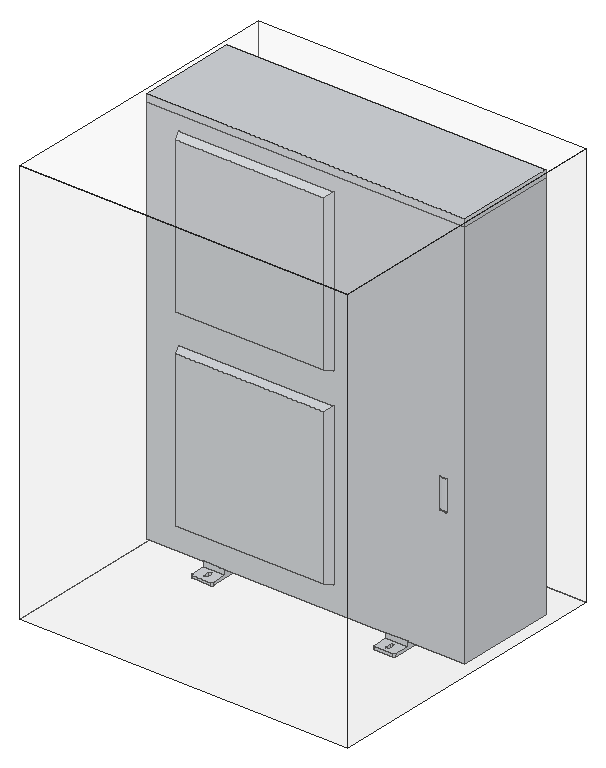
Revit family "puz-hrmp80_160ka9_60hz", category 機械設備, Revit 2019 (continued)
Definition of nested family "PUZ-HDRMP-3"
  Dimensions and locks
    aligned and locked: curve 17 to plane 49
    aligned and locked: curve 1 to plane 49
    aligned and locked: plane 49 to curve 19
    aligned and locked: curve 18 to plane 50
    aligned and locked: plane 50 to curve 2
    aligned and locked: plane 50 to curve 20
    aligned and locked: plane 57 to Extrusion 5 sketch curve
    aligned and locked: plane 53 to Extrusion 5 sketch curve
    aligned and locked: plane 58 to Extrusion 6 sketch curve
    aligned and locked: plane 56 to Extrusion 6 sketch curve
    aligned and locked: plane 61 to Extrusion 7 sketch curve
    aligned and locked: plane 54 to Extrusion 7 sketch curve
    aligned and locked: plane 55 to Extrusion 7
    aligned and locked: Extrusion 7 to plane 62
    aligned and locked: plane 64 to Extrusion 6
    aligned and locked: plane 63 to Extrusion 5
    aligned and locked: Extrusion 6 to plane 60
    aligned and locked: Extrusion 5 to plane 59
    aligned and locked: plane 66 to Extrusion 8 sketch curve
    aligned and locked: plane 65 to Extrusion 8 sketch curve
    aligned and locked: Extrusion 8 to plane 60
    aligned and locked: plane 64 to Extrusion 8
    aligned and locked: Blend 9 sketch curve to plane 71
    aligned and locked: Blend 9 sketch curve to plane 72
    aligned and locked: Blend 9 sketch curve to plane 42
    aligned and locked: Blend 9 sketch curve to plane 41
    aligned and locked: plane 45 to Blend 9 sketch curve
    aligned and locked: Blend 9 sketch curve to plane 46
    aligned and locked: Blend 9 sketch curve to plane 73
    aligned and locked: plane 74 to Blend 9 sketch curve
    aligned and locked: Blend 9 to plane 8
    aligned and locked: plane 38 to Blend 9
    aligned and locked: plane 22 to Extrusion 10 sketch curve
    aligned and locked: plane 21 to Extrusion 10 sketch curve
    aligned and locked: Extrusion 10 sketch curve to Extrusion 1  (x4)
    aligned and locked: Extrusion 10 sketch curve to plane 23
    aligned and locked: Extrusion 10 sketch curve to plane 20
    aligned and locked: plane 24 to Extrusion 10
    aligned and locked: Extrusion 10 to level
    aligned and locked: plane 25 to Extrusion 11
    aligned and locked: Extrusion 11 to plane 26
    aligned and locked: Masking region 1 sketch curve to Extrusion 3  (x4)
    aligned and locked: Masking region 1 sketch curve to cut or joined group of Extrusion 1, Extrusion 10  (x8)
    aligned and locked: Masking region 1 sketch curve to Blend 9  (x3)
    aligned and locked: plane 51 to Extrusion 11 sketch curve
    aligned and locked: plane 52 to Extrusion 11 sketch curve
    aligned and locked: plane 76 to Extrusion 11 sketch curve
    aligned and locked: plane 77 to Extrusion 11 sketch curve
    aligned and locked: plane 78 to Extrusion 11 sketch curve
    aligned and locked: plane 79 to Extrusion 11 sketch curve
    aligned and locked: plane 75 to Extrusion 11 sketch curve  (x4)
  Automatic sketch dimensions
    plane 7 to Extrusion 1 sketch curve = 0 mm  (x2)
    Extrusion 1 sketch curve to plane 18 = 0 mm
    plane 8 to Extrusion 1 sketch curve = 0 mm  (x2)
    Extrusion 1 sketch curve to plane 19 = 0 mm
    Extrusion 1 sketch curve to plane 20 = 0 mm
    Extrusion 1 sketch curve to plane 21 = 0 mm
    curve 187 to curve 188 = 40 mm
    curve 186 to curve 190 = 13.333 mm
    curve 190 to curve 190 = 40 mm
    curve 186 to curve 193 = 0 mm
    curve 186 to curve 188 = 40 mm
    curve 188 to curve 191 = 0 mm
    curve 179 to curve 180 = 40 mm
    curve 178 to curve 182 = 120 mm
    curve 182 to curve 182 = 40 mm
    curve 178 to curve 185 = 0 mm
    curve 178 to curve 180 = 40 mm
    curve 182 to curve 183 = 40 mm
    curve 25 to plane 45 = 0 mm
    curve 24 to plane 45 = 0 mm
    curve 22 to plane 45 = 0 mm
    curve 23 to plane 45 = 0 mm
    curve 26 to plane 45 = 0 mm
    curve 21 to plane 45 = 0 mm
    curve 24 to plane 46 = 0 mm
    curve 25 to plane 46 = 0 mm
    curve 26 to plane 46 = 0 mm
    curve 23 to plane 46 = 0 mm
    curve 22 to plane 46 = 0 mm
    curve 21 to plane 46 = 0 mm
    curve 37 to plane 48 = 0 mm
    curve 52 to plane 48 = 0 mm
    curve 51 to plane 48 = 0 mm
    curve 50 to plane 48 = 0 mm
    curve 49 to plane 48 = 0 mm
    curve 48 to plane 48 = 0 mm
    curve 47 to plane 48 = 0 mm
    curve 46 to plane 48 = 0 mm
    curve 45 to plane 48 = 0 mm
    curve 44 to plane 48 = 0 mm
    curve 43 to plane 48 = 0 mm
    curve 42 to plane 48 = 0 mm
    curve 41 to plane 48 = 0 mm
    curve 27 to plane 48 = 0 mm
    curve 28 to plane 48 = 0 mm
    curve 40 to plane 48 = 0 mm
    curve 39 to plane 48 = 0 mm
    curve 29 to plane 48 = 0 mm
    curve 38 to plane 48 = 0 mm
    curve 30 to plane 48 = 0 mm
    curve 53 to plane 48 = 0 mm
    curve 31 to plane 48 = 0 mm
    curve 36 to plane 48 = 0 mm
    curve 32 to plane 48 = 0 mm
    curve 35 to plane 48 = 0 mm
    curve 33 to plane 48 = 0 mm
    curve 34 to plane 48 = 0 mm
    curve 28 to plane 47 = 0 mm
    curve 41 to plane 47 = 0 mm
    curve 27 to plane 47 = 0 mm
    curve 42 to plane 47 = 0 mm
    curve 31 to plane 47 = 0 mm
    curve 40 to plane 47 = 0 mm
    curve 37 to plane 47 = 0 mm
    curve 39 to plane 47 = 0 mm
    curve 32 to plane 47 = 0 mm
    curve 45 to plane 47 = 0 mm
    curve 36 to plane 47 = 0 mm
    curve 46 to plane 47 = 0 mm
    curve 43 to plane 47 = 0 mm
    curve 47 to plane 47 = 0 mm
    curve 29 to plane 47 = 0 mm
    curve 48 to plane 47 = 0 mm
    curve 30 to plane 47 = 0 mm
    curve 49 to plane 47 = 0 mm
    curve 44 to plane 47 = 0 mm
    curve 50 to plane 47 = 0 mm
    curve 33 to plane 47 = 0 mm
    curve 51 to plane 47 = 0 mm
    curve 35 to plane 47 = 0 mm
    curve 52 to plane 47 = 0 mm
    curve 38 to plane 47 = 0 mm
    curve 53 to plane 47 = 0 mm
    curve 34 to plane 47 = 0 mm
    plane 13 to curve 304 = 138 mm
    curve 304 to plane 46 = 0 mm
    curve 307 to plane 45 = 0 mm
    curve 306 to plane 45 = 0 mm
    curve 303 to plane 45 = 0 mm
    curve 308 to plane 45 = 0 mm
    curve 303 to plane 46 = 0 mm
    curve 306 to plane 46 = 0 mm
    curve 307 to plane 46 = 0 mm
    curve 308 to plane 46 = 0 mm
    curve 309 to plane 45 = 0 mm
    curve 309 to plane 46 = 0 mm
    curve 305 to plane 74 = 0 mm
    curve 305 to plane 73 = 0 mm
    curve 310 to plane 74 = 0 mm
    curve 310 to plane 73 = 0 mm
    curve 311 to plane 73 = 0 mm
    curve 311 to plane 74 = 0 mm
    curve 312 to plane 74 = 0 mm
    curve 312 to plane 73 = 0 mm
    curve 313 to plane 74 = 0 mm
    curve 313 to plane 73 = 0 mm
    curve 314 to plane 73 = 0 mm
    curve 314 to plane 74 = 0 mm
    curve 315 to plane 74 = 0 mm
    curve 315 to plane 73 = 0 mm
    curve 316 to plane 73 = 0 mm
    curve 316 to plane 74 = 0 mm
    curve 317 to plane 74 = 0 mm
    curve 317 to plane 73 = 0 mm
    curve 318 to plane 74 = 0 mm
    curve 318 to plane 73 = 0 mm
    curve 319 to plane 74 = 0 mm
    curve 319 to plane 73 = 0 mm
    curve 320 to plane 74 = 0 mm
    curve 320 to plane 73 = 0 mm
    curve 321 to plane 74 = 0 mm
    curve 321 to plane 73 = 0 mm
    curve 322 to plane 73 = 0 mm
    curve 322 to plane 74 = 0 mm
    curve 323 to plane 73 = 0 mm
    curve 323 to plane 74 = 0 mm
    curve 324 to plane 73 = 0 mm
    curve 324 to plane 74 = 0 mm
    curve 325 to plane 74 = 0 mm
    curve 325 to plane 73 = 0 mm
    curve 326 to plane 74 = 0 mm
    curve 326 to plane 73 = 0 mm
    curve 327 to plane 74 = 0 mm
    curve 327 to plane 73 = 0 mm
    curve 328 to plane 74 = 0 mm
    curve 328 to plane 73 = 0 mm
    curve 329 to plane 74 = 0 mm
    curve 329 to plane 73 = 0 mm
    curve 330 to plane 74 = 0 mm
    curve 330 to plane 73 = 0 mm
    curve 331 to plane 74 = 0 mm
    curve 331 to plane 73 = 0 mm
    curve 332 to plane 73 = 0 mm
    curve 332 to plane 74 = 0 mm
    curve 333 to plane 74 = 0 mm
    curve 333 to plane 73 = 0 mm
    curve 334 to plane 73 = 0 mm
    curve 334 to plane 74 = 0 mm
    curve 335 to plane 74 = 0 mm
    curve 335 to plane 73 = 0 mm
    Extrusion 10 sketch curve to plane 18 = 0 mm  (x2)
    plane 8 to Extrusion 10 sketch curve = 0 mm
    plane 23 to Extrusion 10 sketch curve = 0 mm
    plane 22 to Extrusion 10 sketch curve = 0 mm  (x3)
    plane 16 to Extrusion 10 sketch curve = 0 mm  (x3)
    plane 17 to Extrusion 10 sketch curve = 0 mm  (x3)
    Extrusion 10 sketch curve to plane 15 = 0 mm  (x2)
    Extrusion 10 sketch curve to plane 19 = 0 mm  (x2)
    Extrusion 10 sketch curve to plane 14 = 0 mm  (x2)
    plane 7 to Extrusion 10 sketch curve = 0 mm
    Extrusion 10 sketch curve to plane 18 = 5 mm
    plane 15 to Extrusion 10 sketch curve = 6 mm  (x2)
    plane 19 to Extrusion 10 sketch curve = 5 mm
    Extrusion 10 sketch curve to plane 20 = 5 mm
    plane 14 to Extrusion 10 sketch curve = 6 mm  (x2)
    plane 21 to Extrusion 10 sketch curve = 5 mm
    plane 38 to Extrusion 10 sketch curve = 10 mm  (x2)
    plane 19 to Masking region 1 sketch curve = 0 mm
    plane 21 to Masking region 1 sketch curve = 0 mm
    plane 7 to Masking region 1 sketch curve = 0 mm  (x2)
    Masking region 1 sketch curve to plane 20 = 0 mm
    Masking region 1 sketch curve to plane 18 = 0 mm
    plane 8 to Masking region 1 sketch curve = 0 mm  (x2)
    plane 38 to Masking region 1 sketch curve = 0 mm
    curve 352 to plane 6 = 0 mm
    plane 7 to curve 352 = 0 mm
    curve 353 to plane 18 = 0 mm
    curve 348 to plane 18 = 0 mm
    plane 8 to curve 346 = 0 mm
    curve 354 to plane 19 = 0 mm
    curve 347 to plane 19 = 0 mm
    curve 345 to plane 41 = 0 mm
    plane 38 to curve 344 = 0 mm
    curve 344 to plane 46 = 0 mm
    curve 357 to plane 20 = 0 mm
    curve 343 to plane 20 = 0 mm
    curve 358 to plane 21 = 0 mm
    curve 341 to plane 21 = 0 mm
    curve 339 to plane 45 = 0 mm
    curve 339 to plane 42 = 0 mm
    curve 337 to plane 5 = 0 mm
    plane 22 to curve 354 = 0 mm
    plane 22 to curve 358 = 0 mm
    plane 23 to curve 342 = 0 mm
    plane 23 to curve 347 = 0 mm
    curve 11 to plane 65 = 6 mm
    plane 18 to curve 352 = 28.157 mm
    plane 15 to curve 346 = 0.043 mm
    plane 21 to curve 338 = 11.963 mm
    curve 336 to plane 21 = 9.073 mm
    curve 344 to plane 21 = 22.105 mm
    plane 28 to curve 3 = 5 mm
    curve 3 to plane 45 = 38 mm
    curve 1 to plane 45 = 38 mm
    curve 3 to curve 5 = 0 mm
    curve 4 to plane 29 = 5 mm
    curve 372 to plane 65 = 6 mm
    plane 65 to curve 376 = 9 mm
    curve 12 to plane 65 = 6 mm
    curve 20 to plane 53 = 4 mm
    curve 2 to curve 16 = 15 mm
    plane 51 to curve 15 = 5 mm
Definition of nested family "固定点"
  Parameters (values of type "固定点")
    中心円 = if(W > 599 mm, 12 mm, 10 mm)  # 12 mm
    W = 1000 mm
    D = 1000 mm
  Reference planes
    plane 1 "中心(正面/背面)": y = 0
    plane 2: z = 0
    plane 3 "中心(左/右)": x = 0
    plane 4: x = 1000
    plane 5: y = 1000
  Lines and regions (mm)
    symbolic lines, detail levels fine
      curve 1: circle (0, 1000, 0) r 6 normal (0, 0, 1)
      curve 2: circle (0, 0, 0) r 6 normal (0, 0, 1)
      curve 3: circle (1000, 1000, 0) r 6 normal (0, 0, 1)
      curve 4: circle (1000, 0, 0) r 6 normal (0, 0, 1)
      curve 5: line (-200, 1000, 0) -> (1200, 1000, 0)
      curve 6: line (-200, 0, 0) -> (1200, 0, 0)
      curve 7: line (0, 1200, 0) -> (0, -200, 0)
      curve 8: line (1000, 1200, 0) -> (1000, -200, 0)
  Dimensions and locks
    "W": plane 3 "中心(左/右)" to plane 4
    "D": plane 1 "中心(正面/背面)" to plane 5
    "中心円": diameter of curve 1
    "中心円": diameter of curve 2
    "中心円": diameter of curve 3
    "中心円": diameter of curve 4
    aligned and locked: level to plane 2
    aligned and locked: plane 5 to curve 1
    aligned and locked: plane 3 "中心(左/右)" to curve 1
    aligned and locked: plane 3 "中心(左/右)" to curve 2
    aligned and locked: plane 1 "中心(正面/背面)" to curve 2
    aligned and locked: plane 4 to curve 3
    aligned and locked: plane 5 to curve 3
    aligned and locked: plane 1 "中心(正面/背面)" to curve 4
    aligned and locked: plane 4 to curve 4
    aligned and locked: plane 1 "中心(正面/背面)" to curve 6
    aligned and locked: curve 7 to plane 3 "中心(左/右)"
    aligned and locked: curve 8 to plane 4
  Automatic sketch dimensions
    curve 5 to plane 5 = 0 mm
    curve 6 to plane 3 "中心(左/右)" = 200 mm
    curve 5 to plane 3 "中心(左/右)" = 200 mm
    curve 4 to curve 6 = 200 mm
    curve 3 to curve 5 = 200 mm
    plane 1 "中心(正面/背面)" to curve 8 = 200 mm
    plane 1 "中心(正面/背面)" to curve 7 = 200 mm
    curve 3 to curve 8 = 200 mm
    curve 1 to curve 7 = 200 mm
Types (16, lengths in mm): name | 音響パワーレベル_暖房 (dB) | 音響パワーレベル_冷房 (dB) | 音響パワーレベル(dB) | 電動機出力_圧縮機 | 質量 | 製品質量 | 消費電力_暖房 | 消費電力_冷房 | 消費電力 | 構成品番 | 暖房能力 | 推奨ブレーカー容量 | 冷房能力 | 冷媒管（ガス）位置Y | 冷媒管位置Y | URL
  室外機_PUZ-HRMP80KA9 | 68 | 66 | 68 | 1.5 kW | 135.60 kg | 113.00 kg | 1.92 kW | 1.77 kW | 1.92 kW | "PUZ-HRMP80KA9" | 8 kW | 30 A | 7.1 kW | 234 | 262 | "https://www.mitsubishielectric.co.jp/ldg/wink/ssl/top.do"
  室外機_PUZ-HRMP112KA9 | 69 | 66 | 69 | 2.1 kW | 135.60 kg | 113.00 kg | 2.69 kW | 2.5 kW | 2.69 kW | "PUZ-HRMP112KA9" | 11.2 kW | 30 A | 10 kW | 274 | 282 | "https://www.mitsubishielectric.co.jp/ldg/wink/ssl/top.do\""
  室外機_PUZ-HRMP140KA9 | 69 | 68 | 69 | 2.7 kW | 135.60 kg | 113.00 kg | 3.82 kW | 3.69 kW | 3.82 kW | "PUZ-HRMP140KA9" | 14 kW | 40 A | 12.5 kW | 234 | 262 | "https://www.mitsubishielectric.co.jp/ldg/wink/ssl/top.do"
  室外機_PUZ-HRMP160KA9 | 71 | 69 | 71 | 3.1 kW | 135.60 kg | 113.00 kg | 4.49 kW | 4.7 kW | 4.7 kW | "PUZ-HRMP160KA9" | 16 kW | 40 A | 14 kW | 234 | 262 | "https://www.mitsubishielectric.co.jp/ldg/wink/ssl/top.do"
  室外機_PUZ-HRMP112KA9-BS | 69 | 66 | 69 | 2.1 kW | 135.60 kg | 113.00 kg | 2.69 kW | 2.5 kW | 2.69 kW | "PUZ-HRMP112KA9-BS" | 11.2 kW | 30 A | 10 kW | 274 | 282 | "https://www.mitsubishielectric.co.jp/ldg/wink/ssl/top.do\""
  室外機_PUZ-HRMP112KA9-BH | 69 | 66 | 69 | 2.1 kW | 136.80 kg | 114.00 kg | 2.69 kW | 2.5 kW | 2.69 kW | "PUZ-HRMP112KA9-BH" | 11.2 kW | 30 A | 10 kW | 274 | 282 | "https://www.mitsubishielectric.co.jp/ldg/wink/ssl/top.do\""
  室外機_PUZ-HRMP140KA9-BS | 69 | 68 | 69 | 2.7 kW | 135.60 kg | 113.00 kg | 3.82 kW | 3.69 kW | 3.82 kW | "PUZ-HRMP140KA9-BS" | 14 kW | 40 A | 12.5 kW | 234 | 262 | "https://www.mitsubishielectric.co.jp/ldg/wink/ssl/top.do"
  室外機_PUZ-HRMP140KA9-BSG | 69 | 68 | 69 | 2.7 kW | 135.60 kg | 113.00 kg | 3.82 kW | 3.69 kW | 3.82 kW | "PUZ-HRMP140KA9-BSG" | 14 kW | 40 A | 12.5 kW | 234 | 262 | "https://www.mitsubishielectric.co.jp/ldg/wink/ssl/top.do"
  室外機_PUZ-HRMP140KA9-BH | 69 | 68 | 69 | 2.7 kW | 136.80 kg | 114.00 kg | 3.82 kW | 3.69 kW | 3.82 kW | "PUZ-HRMP140KA9-BH" | 14 kW | 40 A | 12.5 kW | 234 | 262 | "https://www.mitsubishielectric.co.jp/ldg/wink/ssl/top.do"
  室外機_PUZ-HRMP160KA9-BS | 71 | 69 | 71 | 3.1 kW | 135.60 kg | 113.00 kg | 4.49 kW | 4.7 kW | 4.7 kW | "PUZ-HRMP160KA9-BS" | 16 kW | 40 A | 14 kW | 234 | 262 | "https://www.mitsubishielectric.co.jp/ldg/wink/ssl/top.do"
  室外機_PUZ-HRMP160KA9-BSG | 71 | 69 | 71 | 3.1 kW | 135.60 kg | 113.00 kg | 4.49 kW | 4.7 kW | 4.7 kW | "PUZ-HRMP160KA9-BSG" | 16 kW | 40 A | 14 kW | 234 | 262 | "https://www.mitsubishielectric.co.jp/ldg/wink/ssl/top.do"
  室外機_PUZ-HRMP160KA9-BH | 71 | 69 | 71 | 3.1 kW | 136.80 kg | 114.00 kg | 4.49 kW | 4.7 kW | 4.7 kW | "PUZ-HRMP160KA9-BH" | 16 kW | 40 A | 14 kW | 234 | 262 | "https://www.mitsubishielectric.co.jp/ldg/wink/ssl/top.do"
  室外機_PUZ-HRMP80KA9-BS | 68 | 66 | 68 | 1.5 kW | 135.60 kg | 113.00 kg | 1.92 kW | 1.77 kW | 1.92 kW | "PUZ-HRMP80KA9-BS" | 8 kW | 30 A | 7.1 kW | 234 | 262 | "https://www.mitsubishielectric.co.jp/ldg/wink/ssl/top.do"
  室外機_PUZ-HRMP80KA9-BSG | 68 | 66 | 68 | 1.5 kW | 135.60 kg | 113.00 kg | 1.92 kW | 1.77 kW | 1.92 kW | "PUZ-HRMP80KA9-BSG" | 8 kW | 30 A | 7.1 kW | 234 | 262 | "https://www.mitsubishielectric.co.jp/ldg/wink/ssl/top.do"
  室外機_PUZ-HRMP80KA9-BH | 68 | 66 | 68 | 1.5 kW | 136.80 kg | 114.00 kg | 1.92 kW | 1.77 kW | 1.92 kW | "PUZ-HRMP80KA9-BH" | 8 kW | 30 A | 7.1 kW | 234 | 262 | "https://www.mitsubishielectric.co.jp/ldg/wink/ssl/top.do"
  室外機_PUZ-HRMP112KA9-BSG | 69 | 66 | 69 | 2.1 kW | 135.60 kg | 113.00 kg | 2.69 kW | 2.5 kW | 2.69 kW | "PUZ-HRMP112KA9-BSG" | 11.2 kW | 30 A | 10 kW | 274 | 282 | "https://www.mitsubishielectric.co.jp/ldg/wink/ssl/top.do\""
